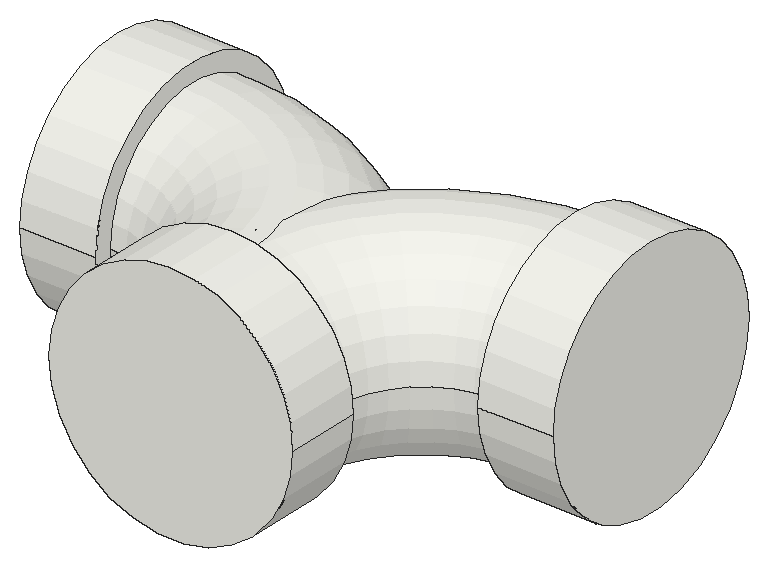
Revit family "Curva_Doble", category Pipe Fittings, Revit 2025
Family settings
  Round Connector Dimension = Use Radius
  Part Type = Tee
  OmniClass Number = 23.60.30.11.14
  OmniClass Title = Pipework Fittings
  Work Plane-Based = No
  Always vertical = Yes
  Cut with Voids When Loaded = No
  Shared = No
Parameters (values of type "CurvaD")
  Wall Thickness [instance] = size_lookup(Lookup Table Name, "WThk", 0.02 * Nominal Diameter + 33/256", Nominal Diameter)  # 0.156"
  Tick Size [instance] = Fitting Outside Diameter * 0.4  # 0.76"
  Socket Outside Radius [instance] = Socket Outside Diameter / 2  # 1.1135"
  Socket Outside Diameter [instance] = Socket Entrance Diameter + Wall Thickness * 2  # 2.227"
  Socket Entrance Diameter [instance] = size_lookup(Lookup Table Name, "SED", 1.04 * Nominal Diameter + 95/256", Nominal Diameter)  # 1.915"
  Socket Depth [instance] = size_lookup(Lookup Table Name, "SDpt", 0.5 * Nominal Diameter, Nominal Diameter)  # 0.687"
  Nominal Radius [instance] = 3/4"
  Nominal Diameter [instance] = Nominal Radius * 2  # 1 1/2"
  Loss Method = Not Defined
  Lookup Table Name = "Bend Double - PVC - Sch 40 - DWV"
  Fitting Outside Radius [instance] = Fitting Outside Diameter / 2  # 0.95"
  Fitting Outside Diameter [instance] = size_lookup(Lookup Table Name, "FOD", 1.04 * Nominal Diameter + 23/64", Nominal Diameter)  # 1.9"
  Default Elevation = 0' - 0"
  Center to Socket Bottom Label [instance] = if(Fitting Outside Radius > Center to Socket Bottom, Fitting Outside Radius + 1/8", Center to Socket Bottom)  # 1 3/4"
  Center to Socket Bottom [instance] = size_lookup(Lookup Table Name, "CtSB", 0.86 * Nominal Diameter + 133/256", Nominal Diameter)  # 1 3/4"
Reference planes (in)
  plane 1 "Center (Front/Back)": y = 0
  plane 2: z = 0
  plane 3 "Center (Left/Right)": x = 0
  plane 4: x = -1.75
  plane 5: x = 1.75
  plane 6: y = -1.75
Forms (in)
  Sweep 1, solid, material "PVC", detail levels fine
    path in 3D
      loop
        line (-1.75, 0, 0) -> (-2.437, 0, 0)
    profile origin (-2.0935, 0, 0) x (0, -1, 0) y (0, 0, 1)
      loop
        circle (0, 0) r 1.1135
  Sweep 2, solid, material "PVC", detail levels fine
    path in 3D
      loop
        line (1.75, 0, 0) -> (2.437, 0, 0)
    profile origin (2.0935, 0, 0) x (0, 1, 0) y (0, 0, 1)
      loop
        circle (0, 0) r 1.1135
  Sweep 3, solid, material "PVC", detail levels fine
    path in 3D
      loop
        line (0, -1.75, 0) -> (0, -2.437, 0)
    profile origin (0, -2.0935, 0) x (1, 0, 0) y (0, 0, 1)
      loop
        circle (0, 0) r 1.1135
  Sweep 4, solid, material "PVC", detail levels fine
    path in 3D
      loop
        arc (-1.75, 0, 0) -> (-0.51256, -0.51256, 0) -> (0, -1.75, 0) r 1.75
    profile origin (-0.51256, -0.51256, 0) x (0.707107, 0.707107, 0) y (0, 0, 1)
      loop
        circle (0, 0) r 0.95
  Sweep 5, solid, material "PVC", detail levels fine
    path in 3D
      loop
        arc (1.75, 0, 0) -> (0.51256, -0.51256, 0) -> (0, -1.75, 0) r 1.75
    profile origin (0.51256, -0.51256, 0) x (0.707107, -0.707107, 0) y (0, 0, 1)
      loop
        circle (0, 0) r 0.95
Cuts and joins
  joined: Sweep 1, Sweep 3, Sweep 4
  joined: Sweep 2, Sweep 5
Lines and regions (in)
  model lines, detail levels coarse+medium
    curve 1: line (-1.75, 0, 0) -> (-2.437, 0, 0)
    curve 2: line (1.75, 0, 0) -> (2.437, 0, 0)
    curve 3: line (0, -1.75, 0) -> (0, -2.437, 0)
    curve 7: line (-2.437, 0, 0) -> (-2.437, 0.76, 0)
    curve 8: line (-2.437, 0, 0) -> (-2.437, -0.76, 0)
    curve 9: line (2.437, 0, 0) -> (2.437, 0.76, 0)
    curve 10: line (2.437, 0, 0) -> (2.437, -0.76, 0)
    curve 11: line (0, -2.437, 0) -> (0.76, -2.437, 0)
    curve 12: line (0, -2.437, 0) -> (-0.76, -2.437, 0)
    curve 13: arc (-1.75, 0, 0) -> (-0.51256, -0.51256, 0) -> (0, -1.75, 0) r 1.75
    curve 14: arc (1.75, 0, 0) -> (0.51256, -0.51256, 0) -> (0, -1.75, 0) r 1.75
  sketch lines
    curve 4: line (-1.75, 0, 0) -> (-2.437, 0, 0)
    curve 5: line (1.75, 0, 0) -> (2.437, 0, 0)
    curve 6: line (0, -1.75, 0) -> (0, -2.437, 0)
    curve 15: arc (-1.75, 0, 0) -> (-0.51256, -0.51256, 0) -> (0, -1.75, 0) r 1.75
    curve 16: arc (1.75, 0, 0) -> (0.51256, -0.51256, 0) -> (0, -1.75, 0) r 1.75
Dimensions and locks (in)
  "Socket Depth": curve 1 to curve 1
  "Socket Depth": curve 2 to curve 2
  "Socket Depth": curve 3 to curve 3
  "Tick Size": curve 7 to curve 7
  "Tick Size": curve 8 to curve 8
  "Tick Size": curve 9 to curve 9
  "Tick Size": curve 10 to curve 10
  "Tick Size": curve 11 to curve 11
  "Tick Size": curve 12 to curve 12
  "Center to Socket Bottom Label": plane 4 to plane 3 "Center (Left/Right)"
  "Center to Socket Bottom Label": plane 3 "Center (Left/Right)" to plane 5
  "Center to Socket Bottom Label": plane 6 to plane 1 "Center (Front/Back)"
  "Center to Socket Bottom Label": curve 1 to plane 3 "Center (Left/Right)"
  "Center to Socket Bottom Label": plane 3 "Center (Left/Right)" to curve 2
  "Socket Outside Radius": radius of Sweep 1 sketch curve
  "Socket Outside Radius": radius of Sweep 2 sketch curve
  "Socket Outside Radius": radius of Sweep 3 sketch curve
  "Fitting Outside Radius": radius of Sweep 4 sketch curve
  "Fitting Outside Radius": radius of Sweep 5 sketch curve
  angle curve 3 to curve 12 = 90.00°
  angle curve 11 to curve 3 = 90.00°
  angle curve 1 to curve 7 = 90.00°
  angle curve 8 to curve 1 = 90.00°
  angle curve 9 to curve 2 = 90.00°
  angle curve 10 to curve 2 = 90.00°
  aligned and locked: plane 1 "Center (Front/Back)" to Sweep 1 sketch curve
  aligned and locked: plane 2 to Sweep 1 sketch curve
  aligned and locked: plane 2 to Sweep 3 sketch curve
  aligned and locked: plane 4 to curve 13
  aligned and locked: plane 6 to curve 13
  aligned and locked: plane 1 "Center (Front/Back)" to curve 2
Automatic sketch dimensions
  Sweep 2 sketch curve to profile plane = 0' - 0"  (x2)
  profile plane to Sweep 3 sketch curve = 0' - 0"
  Sweep 4 sketch curve to profile plane = 0' - 0"  (x2)
  Sweep 5 sketch curve to profile plane = 0' - 0"  (x2)
Connectors (in)
  piping at (-2.437, 0, 0), diameter 1.5, driven by "Nominal Radius"
    settings: on cut or joined group of Sweep 1, Sweep 3, Sweep 4, index 1, connector inside diameter 1 1/2", connector length 0' - 0", flow factor 0, pipe flow 0 GPM, pressure drop 0.00 psi, fitting loss kfactor 0, connector angle 0.00°, fixture units 0, engagement length 0' - 0", angle of deflection 0.00°, flow configuration 0, flow direction 0, fitting loss method 0, system type 28, joint type 0, gender type 0, connector reference index -1, connector utility 0, adjustable connector no, is connector primary yes, connector description ""
  piping at (2.437, 0, 0), diameter 1.5, driven by "Nominal Radius"
    settings: on cut or joined group of Sweep 2, Sweep 5, index 2, connector inside diameter 1 1/2", connector length 0' - 0", flow factor 0, pipe flow 0 GPM, pressure drop 0.00 psi, fitting loss kfactor 0, connector angle 0.00°, fixture units 0, engagement length 0' - 0", angle of deflection 0.00°, flow configuration 0, flow direction 0, fitting loss method 0, system type 28, joint type 0, gender type 0, connector reference index -1, connector utility 0, adjustable connector no, is connector primary no, connector description ""
  piping at (0, -2.437, 0), diameter 1.5, driven by "Nominal Radius"
    settings: on cut or joined group of Sweep 1, Sweep 3, Sweep 4, index 3, connector inside diameter 1 1/2", connector length 0' - 0", flow factor 0, pipe flow 0 GPM, pressure drop 0.00 psi, fitting loss kfactor 0, connector angle 0.00°, fixture units 0, engagement length 0' - 0", angle of deflection 0.00°, flow configuration 0, flow direction 0, fitting loss method 0, system type 28, joint type 0, gender type 0, connector reference index -1, connector utility 0, adjustable connector no, is connector primary no, connector description ""
